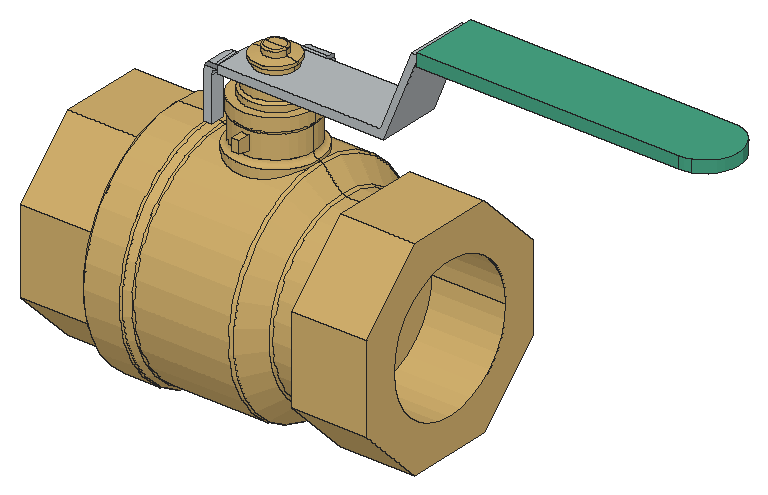
Revit family "M_Ball Valve_Threaded_15 to 50mm", category Pipe Accessories, Revit 2014
Parameters (values of type "50mm")
  _distributed by = "www.bimstore.co.uk"
  _current revision = 1  # constant formula
  _author = "Kris Atkinson"
  _BIMspec_GUID = 0
  Weight (kg) = 2.238
  WarrantyStartDate = ""
  WarrantyGuarantorParts = ""
  WarrantyGuarantorLabor = ""
  WarrantyDurationUnit = "12 months"
  WarrantyDurationParts = ""
  WarrantyDurationLabor = ""
  WarrantyDuration = "12 months"
  WarrantyDescription = ""
  Valve Material = Brass, Soft Yellow
  Valve Hex Calc = Connection Size + Dim X  # 72 mm
  Valve Hax Calc 2 = Connection Size + Dim XX  # 74 mm
  Uniclass2 = "WR-90-94-95"
  US End Connection = "ANSI B 1.20.1:1983"
  URL = "http://www.hattersley.com/"
  UK End Connection = "BS EN 10226-2: 2005 formerly BS21 Taper"
  TypeName = ""
  Type Comments = "2\""
  Temperature °C = "-10 to 120°C"
  TagNumber = ""
  Stem = "DZR Brass CW602N"
  Specification Notes = "Quater Turn, PTFE seats and stem seal, WRAS listed."
  Spares = "Levers (020BRG100F517)"
  SpareParts = "Levers (020BRG100F517)"
  Sleeve = "Green PVC"
  Size mm = Connection Size / 2  # 25 mm
  SerialNumber = ""
  Seats = "PTFE WRAS Approved"
  ReplacementCost = ""
  Rad = L mm * 0.2  # 24.8 mm
  Product Page URL = "http://www.hattersley.com/productView.asp?prodID=44&catID=7"
  Product Model [instance] = if(BS, "Hatts100", "Hatts100 AT")  # "Hatts100"
  Product Documentation Link = "http://www.hattersley.com/documents/Fig.%20100,%20100EXT%20Ball%20Valve%20Datasheet(1).pdf"
  Product Description = "Threaded DZR Ball Valve"
  Pressure Rating (Cat) = "PN25"
  Pressure (BAR) = "http://www.hattersley.com/documents/Fig.%20100,%20100EXT%20Ball%20Valve%20Datasheet(1).pdf"
  Packing Nut = "Brass CW617N"
  Packing Gland = "PTFE WRAS Approved"
  Operator = "Lever"
  O_Ring = "Rubber EPDM WRAS Approved"
  Name = ""
  ModelNumber = ""
  Model = "Hatts 100"
  Manufacturer = "Hattersley"
  Loss Method = K Coefficient
  Lever = "Steel Dacromet Plated"
  L2 mm = 165 mm
  L1 mm = 26.5 mm
  L mm = 124 mm
  Keynote = "S"
  K Coefficient = 160
  InstallationDate = ""
  Hex-Nut = "Steel Plated"
  Handle Width = 24 mm
  Handle Turn Zone [instance] = no
  Handle Length = 105 mm
  Handle Downstand = 28.1 mm
  Handle Collar Length = 51 mm
  Handle Calc = Handle Width / 2  # 12 mm
  H2 mm = L mm / 3 * 2  # 82.667 mm
  H mm = 95.5 mm
  Extidentifier = ""
  ExpectedLife = 0
  Exidentifier = ""
  DurationUnit = ""
  DocumentationLink URL = "http://www.hattersley.com/documents/Fig.%20100,%20100EXT%20Ball%20Valve%20Datasheet(1).pdf"
  Dim XX = Dim X + 2 mm  # 24 mm
  Dim X = 22 mm
  Description = "100 & 100EXT - Light, compact and easy to install and operate. Improved leak protection and resistance to damage during installation. WRAS approved. Quarter turn, lever operated. UK End Connection: BS EN 10226-2: 2005 formerley BS21 Taper US End Connection: ANSI B1.20.1: 1983"
  CreatedOn = ""
  CreatedBy = ""
  ConnectionType = ""
  Connection Size = 50 mm
  Brake Downstand = 21 mm
  Bonnet = "DZR Brass CW602N"
  Body = "DZR Brass CW602N"
  Barcode_2 = 0
  BarCode = ""
  Ball = "DZR Brass CW602N Chrome Plated"
  BS [instance] = yes
  Assetidentifier_2 = ""
  AssetType = ""
  AssetIdentifier = ""
  Assembly Code = "D30"
  Approvals = "WRAS Approved Product"
  AT [instance] = not(BS)  # no
  3/8" = no
  3/4" = no
  3" = no
  2" = yes
  2 1/2" = no
  1/4" = no
  1/2" = no
  1" = no
  1 1/4" = no
  1 1/2" = no
Types (6, lengths in mm): name | Weight (kg) | Valve Hex Calc | Valve Hax Calc 2 | Type Comments | Spares | SpareParts | Size mm | Rad | L2 mm | L1 mm | L mm | K Coefficient | Handle Width | Handle Length | Handle Downstand | Handle Collar Length | Handle Calc | H2 mm | H mm | Dim XX | Dim X | Connection Size | Brake Downstand | 3/4" | 2" | 1/2" | 1" | 1 1/4" | 1 1/2"
  50mm | 2.238 | 72 | 74 | "2\"" | "Levers (020BRG100F517)" | "Levers (020BRG100F517)" | 25 | 24.8 | 165 | 26.5 | 124 | 160 | 24 | 105 | 28.1 | 51 | 12 | 82.667 | 95.5 | 24 | 22 | 50 | 21 | no | yes | no | no | no | no
  40mm | 1.292 | 55 | 57 | "1 1/2\"" | "Levers (012BRG100F517)" | "Levers (012BRG100F517)" | 20 | 20.4 | 140 | 23 | 102 | 96 | 24 | 90 | 24.4 | 42 | 12 | 68 | 83.5 | 17 | 15 | 40 | 21 | no | no | no | no | no | yes
  32mm | 0.89 | 47 | 49 | "1 1/4\"" | "Levers (012BRG100F517)" | "Levers (012BRG100F517)" | 16 | 18.8 | 140 | 23 | 94 | 58 | 22 | 93 | 28 | 35 | 11 | 62.667 | 77.5 | 17 | 15 | 32 | 18 | no | no | no | no | yes | no
  25mm | 0.511 | 36 | 38 | "1\"" | "Levers (010BRG100F517)" | "Levers (010BRG100F517)" | 12.5 | 16.1 | 125 | 21 | 80.5 | 77 | 20 | 85 | 19.1 | 28 | 10 | 53.667 | 62 | 13 | 11 | 25 | 17 | no | no | no | yes | no | no
  20mm | 0.302 | 32 | 34 | "3/4\"" | "Levers (004BRG100F517)" | "Levers (004BRG100F517)" | 10 | 13.4 | 98.5 | 17 | 67 | 47 | 20 | 65 | 13.1 | 20 | 10 | 44.667 | 51 | 14 | 12 | 20 | 16 | yes | no | no | no | no | no
  15mm | 0.205 | 23 | 25 | "1/2\"" | "Levers (004BRG100F517)" | "Levers (004BRG100F517)" | 7.5 | 11.7 | 98.5 | 15.5 | 58.5 | 20 | 20 | 69 | 14.6 | 16 | 10 | 39 | 48 | 10 | 8 | 15 | 16 | no | no | yes | no | no | no
Reference planes
  plane 1 "Center (Front/Back)": y = 0
  plane 2: z = 0
  plane 3 "Center (Left/Right)": x = 0
  plane 4: x = -62
  plane 5: x = 62
  plane 6: x = -165
  plane 7: z = 95.5
  plane 8: z = 25
  plane 9: z = -25
  plane 10: y = 36
  plane 11: y = -36
  plane 12: z = 36
  plane 13: z = -36
  plane 14: through (0, 14.849, -36.062) normal (0, 0.7071, -0.7071)
  plane 15: through (0, -10.607, -10.607) normal (0, 0.7071, -0.7071)
  plane 16: through (0, -36.062, 14.849) normal (0, 0.7071, -0.7071)
  plane 17: through (0, -14.849, -36.062) normal (0, 0.7071, 0.7071)
  plane 18: through (0, 10.607, -10.607) normal (0, 0.7071, 0.7071)
  plane 19: through (0, 36.062, 14.849) normal (0, 0.7071, 0.7071)
  plane 20: x = -35.5
  plane 21: x = 35.5
  plane 22: y = 0
  plane 23: y = 25
  plane 24: y = -25
  plane 25: x = 165
  plane 26: z = 91.5
  plane 27: x = -12
  plane 28: y = -37
  plane 29: y = 37
  plane 30: z = 37
  plane 31: z = -37
  plane 32: through (4267.2, -23.816, 28.51) normal (0, 0.7071, -0.7071)
  plane 33: through (4267.2, 29.698, -22.627) normal (0, 0.7071, -0.7071)
  plane 34: through (4267.2, -29.698, -22.627) normal (0, 0.7071, 0.7071)
  plane 35: through (4267.2, 23.485, 28.841) normal (0, 0.7071, 0.7071)
  plane 36: through (4267.2, -1.834, 1.834) normal (0, 0.7071, 0.7071)
  plane 37: through (4267.2, 1.834, 1.834) normal (0, 0.7071, -0.7071)
  plane 38: y = 41.333
  plane 39: y = -41.333
  plane 40: y = 82.667
Forms (mm)
  Extrusion 1, solid, material "Brass, Soft Yellow" <- "Valve Material", detail levels fine
    sketch origin (0, 0, 0) x (0, 1, 0) y (0, 0, 1)
      loop
        line (-36, -14.912) -> (-14.912, -36) -> (14.912, -36) -> (36, -14.912) -> (36, 14.912) -> (14.912, 36) -> (-14.912, 36) -> (-36, 14.912) -> (-36, -14.912)
      loop
        circle (0, 0) r 25
    from -62 to -35.5
  Extrusion 2, solid, material "Clearance Zone", visible <- "Handle Turn Zone", detail levels fine
    sketch origin (0, 0, 0) x (1, 0, 0) y (0, 1, 0)
      loop
        arc (165, 0) -> (113.158, 125.158) -> (-12, 177) r 177
        line (-12, 177) -> (-12, 0) -> (165, 0)
    from 91.5 to 95.5
  Extrusion 3, solid, material "Brass, Soft Yellow" <- "Valve Material", detail levels fine
    sketch origin (0, 0, 0) x (0, 1, 0) y (0, 0, 1)
      loop
        line (37, 15.326) -> (15.326, 37) -> (-15.326, 37) -> (-37, 15.326) -> (-37, -15.326) -> (-15.326, -37) -> (15.326, -37) -> (37, -15.326) -> (37, 15.326)
      loop
        circle (0, 0) r 25
    from 35.5 to 62
Lines and regions (mm)
  model lines, detail levels coarse+medium
    curve 1: line (-62, -41.333, 0) -> (-62, 41.333, 0)
    curve 2: line (62, -41.333, 0) -> (62, 41.333, 0)
    curve 3: line (-62, 41.333, 0) -> (62, -41.333, 0)
    curve 4: line (62, 41.333, 0) -> (-62, -41.333, 0)
    curve 5: circle (0, 0, 0) r 24.8 normal (0, 0, 1)
    curve 6: line (0, 24.8, 0) -> (0, 82.667, 0)
    curve 7: line (0, 82.667, 0) -> (62, 82.667, 0)
Dimensions and locks
  equal spacing: plane 4, plane 3 "Center (Left/Right)", plane 5
  "L mm": plane 4 to plane 5
  equal spacing: plane 8, level, plane 9
  "Connection Size": plane 8 to plane 9
  "L2 mm": plane 3 "Center (Left/Right)" to plane 6
  "H mm": plane 7 to level
  equal spacing: plane 10, plane 1 "Center (Front/Back)", plane 11
  "Valve Hex Calc": plane 10 to plane 11
  equal spacing: plane 12, plane 2, plane 13
  "Valve Hex Calc": plane 12 to plane 13
  equal spacing: plane 17, plane 18, plane 19
  "Valve Hex Calc": plane 17 to plane 19
  equal spacing: plane 14, plane 15, plane 16
  "Valve Hex Calc": plane 14 to plane 16
  "L1 mm": plane 20 to plane 4
  "L1 mm": plane 5 to plane 21
  equal spacing: plane 24, plane 22, plane 23
  "Connection Size": plane 24 to plane 23
  "L2 mm": plane 3 "Center (Left/Right)" to plane 25
  locked: nested 8 to nested 9 at 1
  locked: plane 7 to plane 26 at 4
  "Handle Calc": plane 27 to plane 3 "Center (Left/Right)"
  equal spacing: plane 28, plane 22, plane 29
  "Valve Hax Calc 2": plane 28 to plane 29
  equal spacing: plane 35, plane 36, plane 34
  "Valve Hax Calc 2": plane 35 to plane 34
  equal spacing: plane 31, level, plane 30
  "Valve Hax Calc 2": plane 31 to plane 30
  equal spacing: plane 33, plane 37, plane 32
  "Valve Hax Calc 2": plane 33 to plane 32
  equal spacing: plane 38, plane 1 "Center (Front/Back)", plane 39
  "H2 mm": plane 38 to plane 39
  "H2 mm": plane 40 to plane 22
  "Size mm": radius of Extrusion 3 sketch curve
  "Size mm": radius of Extrusion 1 sketch curve
  "Rad": radius of curve 5
  aligned and locked: level to plane 2
  aligned and locked: plane 1 "Center (Front/Back)" to nested 3
  aligned and locked: plane 1 "Center (Front/Back)" to nested 4
  aligned and locked: plane 1 "Center (Front/Back)" to nested 5
  aligned and locked: plane 1 "Center (Front/Back)" to nested 6
  aligned and locked: plane 1 "Center (Front/Back)" to nested 7
  aligned and locked: Extrusion 1 to plane 4
  aligned and locked: plane 20 to Extrusion 1
  aligned and locked: plane 19 to Extrusion 1 sketch curve
  aligned and locked: Extrusion 1 sketch curve to plane 12
  aligned and locked: plane 16 to Extrusion 1 sketch curve
  aligned and locked: plane 11 to Extrusion 1 sketch curve
  aligned and locked: Extrusion 1 sketch curve to plane 17
  aligned and locked: plane 13 to Extrusion 1 sketch curve
  aligned and locked: Extrusion 1 sketch curve to plane 14
  aligned and locked: Extrusion 1 sketch curve to plane 10
  aligned and locked: plane 25 to nested 8
  aligned and locked: plane 7 to nested 8
  aligned and locked: nested 8 to nested 9
  aligned and locked: Extrusion 2 sketch curve to plane 1 "Center (Front/Back)"
  aligned and locked: plane 7 to Extrusion 2
  aligned and locked: plane 26 to Extrusion 2
  aligned and locked: Extrusion 2 sketch curve to plane 27
  aligned and locked: plane 25 to Extrusion 2 sketch curve
  aligned and locked: Extrusion 3 sketch curve to plane 30
  aligned and locked: plane 31 to Extrusion 3 sketch curve
  aligned and locked: Extrusion 3 sketch curve to plane 34
  aligned and locked: Extrusion 3 sketch curve to plane 28
  aligned and locked: Extrusion 3 sketch curve to plane 32
  aligned and locked: plane 35 to Extrusion 3 sketch curve
  aligned and locked: Extrusion 3 sketch curve to plane 29
  aligned and locked: plane 33 to Extrusion 3 sketch curve
  aligned and locked: level to Extrusion 3 sketch curve
  aligned and locked: plane 22 to Extrusion 3 sketch curve
  aligned and locked: Extrusion 3 to plane 21
  aligned and locked: plane 5 to Extrusion 3
  aligned and locked: level to Extrusion 1 sketch curve
  aligned and locked: plane 22 to Extrusion 1 sketch curve
Automatic sketch dimensions
  Extrusion 2 sketch curve to plane 27 = 0 mm
  curve 1 to plane 4 = 0 mm
  plane 1 "Center (Front/Back)" to curve 5 = 0 mm
  curve 5 to plane 3 "Center (Left/Right)" = 0 mm
  curve 7 to plane 3 "Center (Left/Right)" = 0 mm
  curve 2 to plane 5 = 0 mm
  curve 7 to plane 5 = 0 mm
  curve 1 to plane 39 = 0 mm
  curve 2 to plane 39 = 0 mm
  curve 1 to plane 38 = 0 mm
  curve 4 to plane 38 = 0 mm
  curve 7 to plane 40 = 0 mm
Nested families
  nested 1: "Hatts100_1_4inch_Body" at (0, 0, 0), visible <- "1/4"", type "1/4" Body", detail levels fine
  nested 2: "Hatts100_1_2inch_Body" at (0, 0, 0), visible <- "1/2"", type "1/2" Body", detail levels fine
  nested 3: "Hatts100_3_4inch_Body" at (0, 0, 0), visible <- "3/4"", type "3/4" Body", detail levels fine
  nested 4: "Hatts100_1inch_Body" at (0, 0, 0), visible <- "1"", type "1" Body", detail levels fine
  nested 5: "Hatts100_1_1_4inch_Body" at (0, 0, 0), visible <- "1 1/4"", type "1 1/4" Body", detail levels fine
  nested 6: "Hatts100_1_1_2inch_Body" at (0, 0, 0), visible <- "1 1/2"", type "1 1/2" Body", detail levels fine
  nested 7: "Hatts100_2inch_Body" at (0, 0, 0), visible <- "2"", type "2" Body", detail levels fine
  nested 8: "Handle" at (32.68, 0, 91.3) x (-1, 0, 0) z (0, 0, 1), type "Handle", detail levels fine
    with Handle Width Calc 12 mm, Handle Width 24 mm, Handle Length 105 mm, Handle Downstand 28.1 mm, Collar Width 22 mm, Collar Widtch Calc 11 mm, Collar End Length 51 mm, Brake Downstand 21 mm
  nested 9: "Handle Leg" at (4.68, 11, 64.7) x (1, 0, 0) z (0, 1, 0), type "Handle Leg", detail levels fine
    with Length 21 mm
Connectors
  piping at (-62, 0, 0), diameter 50, driven by "Size mm", driven by "K Coefficient"
    settings: on Extrusion 1, index 2, connector inside diameter 8 mm, connector length 0 mm, flow factor 0, pipe flow 0.0 L/s, pressure drop 0.0 Pa, fitting loss kfactor 160, connector angle 0.00°, fixture units 0, engagement length 0 mm, angle of deflection 0.00°, flow configuration 0, flow direction 0, fitting loss method 2, system type 7, joint type 0, gender type 0, connector reference index 3, connector utility 0, adjustable connector no, is connector primary yes, connector description ""
  piping at (62, 0, 0), diameter 50, driven by "Size mm", driven by "K Coefficient"
    settings: on Extrusion 3, index 3, connector inside diameter 8 mm, connector length 0 mm, flow factor 0, pipe flow 0.0 L/s, pressure drop 0.0 Pa, fitting loss kfactor 160, connector angle 0.00°, fixture units 0, engagement length 0 mm, angle of deflection 0.00°, flow configuration 0, flow direction 0, fitting loss method 2, system type 7, joint type 0, gender type 0, connector reference index 2, connector utility 0, adjustable connector no, is connector primary no, connector description ""
Definition of nested family "Hatts100_1_4inch_Body"
  Parameters (values of type "1/4" Body")
    Valve Material = Brass, Soft Yellow
  Reference planes
    plane 1 "Center (Front/Back)": y = 0
    plane 2: z = 0
    plane 3 "Center (Left/Right)": x = 0
  Forms (mm)
    Revolve 1, solid, material "Brass, Soft Yellow" <- "Valve Material"
      sketch origin (-277.48, 0, 0) x (1, 0, 0) y (0, 0, 1)
        loop
          line (266.83, 0) -> (266.83, -11.492) -> (280.798, -11.492)
          arc (280.798, -11.492) -> (281.252, -11.431) -> (281.673, -11.252) r 1.713
          line (281.673, -11.252) -> (283.318, -10.275)
          arc (283.318, -10.275) -> (283.739, -10.096) -> (284.192, -10.035) r 1.713
          line (284.192, -10.035) -> (288.13, -10.035) -> (288.13, 0) -> (266.83, 0)
        axis (266.83, 0) -> (288.13, 0)
      angle from 0 to 360
    Revolve 2, solid, material "Brass, Soft Yellow" <- "Valve Material"
      sketch origin (-277.48, 0, -0.937) x (1, 0, 0) y (0, 0, 1)
        loop
          line (280.944, 31.2) -> (277.48, 31.2) -> (277.48, 26.7) -> (282.23, 26.7)
          arc (282.23, 26.7) -> (282.752, 27.167) -> (282.584, 27.846) r 0.678
          line (282.584, 27.846) -> (281.522, 28.908) -> (281.522, 30.2) -> (280.944, 31.2)
        axis (277.48, 31.2) -> (277.48, 26.7)
      angle from 0 to 360
    Revolve 3, solid, material "Brass, Soft Yellow" <- "Valve Material"
      sketch origin (-278.893, 0, -0.937) x (1, 0, 0) y (0, 0, 1)
        loop
          arc (269.98, 13) -> (269.834, 12.646) -> (269.48, 12.5) r 0.5
          line (269.48, 12.5) -> (269.48, 6.134) -> (278.893, 6.134) -> (278.893, 26.7) -> (275.107, 26.7) -> (275.107, 21.202) -> (274.105, 20.2) -> (269.168, 20.2) -> (269.168, 17.7) -> (269.98, 17.7) -> (269.98, 13)
        axis (278.893, 26.7) -> (278.893, 6.134)
      angle from 0 to 360
  Cuts and joins
    joined: Revolve 1, Revolve 2
  Dimensions and locks
    aligned and locked: level to plane 2
  Nested families
    nested 1: "Stopper" at (0.002, 8.913, 16.499) x (0, 0, -1) z (0.0002, 1, 0), type "Stopper"
    nested 2: "Stopper" at (-0.002, -8.913, 16.499) x (0, 0, -1) z (-0.0002, -1, 0), type "Stopper"
  Definition of nested family "Stopper"
    Parameters (values of type "Stopper")
      width = 4 mm
      height = 4.5 mm
      Stopper Material = Brass
      Depth = 2.5 mm
      Default Elevation = 1219.2 mm
    Reference planes
      plane 1 "Center (Front/Back)": y = 0
      plane 2: z = 0
      plane 3 "Center (Left/Right)": x = 0
      plane 4: x = 4
      plane 5: z = 4.5
      plane 6: x = 5
      plane 7: y = 1.25
      plane 8: y = -1.25
    Forms (mm)
      Extrusion 1, solid
        sketch origin (0, 0, 0) x (1, 0, 0) y (0, 1, 0)
          loop
            line (-1219.2, 1219.2) -> (-1219.2, -1219.2) -> (1219.2, -1219.2) -> (1219.2, 1219.2) -> (-1219.2, 1219.2)
        from 0 to -304.8
      Extrusion 2, solid, material "Brass" <- "Stopper Material"
        sketch origin (0, 0, 0) x (1, 0, 0) y (0, 0, 1)
          loop
            line (0, 4.5) -> (0, 0) -> (5, 0) -> (4, 4.5) -> (0, 4.5)
        from -1.25 to 1.25
    Dimensions and locks
      "width": plane 4 to plane 3 "Center (Left/Right)"
      "height": plane 5 to Extrusion 1
      locked: plane 6 to plane 4 at 1
      equal spacing: plane 7, plane 1 "Center (Front/Back)", plane 8
      "Depth": plane 7 to plane 8
      aligned and locked: plane 2 to Extrusion 1
      aligned and locked: level to Extrusion 1
      aligned and locked: Extrusion 2 sketch curve to plane 3 "Center (Left/Right)"
      aligned and locked: Extrusion 2 sketch curve to plane 5
      aligned and locked: Extrusion 1 to Extrusion 2 sketch curve
      aligned and locked: plane 5 to Extrusion 2 sketch curve
      aligned and locked: plane 4 to Extrusion 2 sketch curve
      aligned and locked: plane 6 to Extrusion 2 sketch curve
      aligned and locked: plane 7 to Extrusion 2
      aligned and locked: Extrusion 2 to plane 8
    Automatic sketch dimensions
      Extrusion 1 sketch curve to Extrusion 1 sketch curve = 2438.4 mm  (x2)
Definition of nested family "Hatts100_1_2inch_Body"
  Parameters (values of type "1/2" Body")
    Valve Material = Brass, Soft Yellow
  Reference planes
    plane 1 "Center (Front/Back)": y = 0
    plane 2: z = 0
    plane 3 "Center (Left/Right)": x = 0
  Forms (mm)
    Revolve 1, solid, material "Brass, Soft Yellow" <- "Valve Material"
      sketch origin (0, 0, 0) x (1, 0, 0) y (0, 0, 1)
        loop
          line (-13.75, 0) -> (-13.75, -13.179) -> (4.498, -13.179)
          arc (4.498, -13.179) -> (5.056, -13.068) -> (5.529, -12.752) r 1.458
          line (5.529, -12.752) -> (7.517, -10.763)
          arc (7.517, -10.763) -> (7.99, -10.447) -> (8.548, -10.336) r 1.458
          line (8.548, -10.336) -> (13.75, -10.336) -> (13.75, 0) -> (-13.75, 0)
        axis (-13.75, 0) -> (13.75, 0)
      angle from 0 to 360
    Revolve 2, solid, material "Brass, Soft Yellow" <- "Valve Material"
      sketch origin (0, 0, -2.578) x (1, 0, 0) y (0, 0, 1)
        loop
          arc (-9.5, 17.4) -> (-9.939, 16.339) -> (-11, 15.9) r 1.5
          line (-11, 15.9) -> (-11, 7.843) -> (0, 7.843) -> (0, 39.9) -> (-4.041, 39.9) -> (-4.619, 38.9) -> (-4.619, 36.897) -> (-5.708, 36.05)
          arc (-5.708, 36.05) -> (-5.935, 35.373) -> (-5.4, 34.9) r 0.646
          line (-5.4, 34.9) -> (-4.5, 34.9) -> (-4.5, 30.4) -> (-7.15, 30.4) -> (-7.15, 27.58) -> (-8, 26.73) -> (-8, 25.9) -> (-10.25, 25.9) -> (-10.25, 22.868)
          arc (-10.25, 22.868) -> (-9.709, 22.512) -> (-9.5, 21.9) r 1
          line (-9.5, 21.9) -> (-9.5, 17.4)
        axis (0, 39.9) -> (0, 7.843)
      angle from 0 to 360
  Dimensions and locks
    aligned and locked: level to plane 2
  Nested families
    nested 1: "Stopper" at (0.014, 9.5, 19.412) x (0, 0, -1) z (0.0015, 1, 0), type "Stopper"
    nested 2: "Stopper" at (-0.014, -9.5, 19.412) x (0, 0, -1) z (-0.0015, -1, 0), type "Stopper"
  Definition of nested family "Stopper"
    Parameters (values of type "Stopper")
      width = 4 mm
      height = 4.5 mm
      Stopper Material = Brass
      Depth = 2.5 mm
      Default Elevation = 1219.2 mm
    Reference planes
      plane 1 "Center (Front/Back)": y = 0
      plane 2: z = 0
      plane 3 "Center (Left/Right)": x = 0
      plane 4: x = 4
      plane 5: z = 4.5
      plane 6: x = 5
      plane 7: y = 1.25
      plane 8: y = -1.25
    Forms (mm)
      Extrusion 1, solid
        sketch origin (0, 0, 0) x (1, 0, 0) y (0, 1, 0)
          loop
            line (-1219.2, 1219.2) -> (-1219.2, -1219.2) -> (1219.2, -1219.2) -> (1219.2, 1219.2) -> (-1219.2, 1219.2)
        from 0 to -304.8
      Extrusion 2, solid, material "Brass" <- "Stopper Material"
        sketch origin (0, 0, 0) x (1, 0, 0) y (0, 0, 1)
          loop
            line (0, 4.5) -> (0, 0) -> (5, 0) -> (4, 4.5) -> (0, 4.5)
        from -1.25 to 1.25
    Dimensions and locks
      "width": plane 4 to plane 3 "Center (Left/Right)"
      "height": plane 5 to Extrusion 1
      locked: plane 6 to plane 4 at 1
      equal spacing: plane 7, plane 1 "Center (Front/Back)", plane 8
      "Depth": plane 7 to plane 8
      aligned and locked: plane 2 to Extrusion 1
      aligned and locked: level to Extrusion 1
      aligned and locked: Extrusion 2 sketch curve to plane 3 "Center (Left/Right)"
      aligned and locked: Extrusion 2 sketch curve to plane 5
      aligned and locked: Extrusion 1 to Extrusion 2 sketch curve
      aligned and locked: plane 5 to Extrusion 2 sketch curve
      aligned and locked: plane 4 to Extrusion 2 sketch curve
      aligned and locked: plane 6 to Extrusion 2 sketch curve
      aligned and locked: plane 7 to Extrusion 2
      aligned and locked: Extrusion 2 to plane 8
    Automatic sketch dimensions
      Extrusion 1 sketch curve to Extrusion 1 sketch curve = 2438.4 mm  (x2)
Definition of nested family "Hatts100_3_4inch_Body"
  Parameters (values of type "3/4" Body")
    Valve Material = Brass, Soft Yellow
  Reference planes
    plane 1 "Center (Front/Back)": y = 0
    plane 2: z = 0
    plane 3 "Center (Left/Right)": x = 0
  Forms (mm)
    Revolve 1, solid, material "Brass, Soft Yellow" <- "Valve Material"
      sketch origin (0, 0, 0) x (1, 0, 0) y (0, 0, 1)
        loop
          line (-16.5, 0) -> (-16.5, -18.113) -> (-15.896, -18.619) -> (5.701, -18.619)
          arc (5.701, -18.619) -> (6.357, -18.489) -> (6.913, -18.117) r 1.715
          line (6.913, -18.117) -> (9.982, -15.049)
          arc (9.982, -15.049) -> (10.538, -14.677) -> (11.194, -14.546) r 1.715
          line (11.194, -14.546) -> (16.5, -14.546) -> (16.5, 0) -> (-16.5, 0)
        axis (-16.5, 0) -> (16.5, 0)
      angle from 0 to 360
    Revolve 2, solid, material "Brass, Soft Yellow" <- "Valve Material"
      sketch origin (0, 0, -1.953) x (1, 0, 0) y (0, 0, 1)
        loop
          line (-9.346, 25.9) -> (-9.346, 22.312)
          arc (-9.346, 22.312) -> (-9.785, 21.252) -> (-10.846, 20.813) r 1.5
          line (-10.846, 20.813) -> (-10.846, 10.5) -> (0, 10.5) -> (0, 43.7) -> (-4.194, 43.7) -> (-4.194, 41.153) -> (-5.862, 39.85)
          arc (-5.862, 39.85) -> (-6.042, 39.157) -> (-5.491, 38.7) r 0.667
          line (-5.491, 38.7) -> (-4.654, 38.7) -> (-4.654, 34.4) -> (-7.304, 34.4) -> (-7.304, 31.605) -> (-8.154, 30.755) -> (-8.154, 29.9) -> (-10.096, 29.9) -> (-10.096, 26.868)
          arc (-10.096, 26.868) -> (-9.555, 26.512) -> (-9.346, 25.9) r 1
        axis (0, 43.7) -> (0, 10.5)
      angle from 0 to 360
  Cuts and joins
    joined: Revolve 1, Revolve 2
  Dimensions and locks
    aligned and locked: level to plane 2
  Nested families
    nested 1: "Stopper" at (0.005, 9.346, 24.31) x (0, 0, -1) z (0.0005, 1, 0), type "Stopper"
    nested 2: "Stopper" at (-0.005, -9.346, 24.31) x (0, 0, -1) z (-0.0005, -1, 0), type "Stopper"
  Definition of nested family "Stopper"
    Parameters (values of type "Stopper")
      width = 4 mm
      height = 4.5 mm
      Stopper Material = Brass
      Depth = 2.5 mm
      Default Elevation = 1219.2 mm
    Reference planes
      plane 1 "Center (Front/Back)": y = 0
      plane 2: z = 0
      plane 3 "Center (Left/Right)": x = 0
      plane 4: x = 4
      plane 5: z = 4.5
      plane 6: x = 5
      plane 7: y = 1.25
      plane 8: y = -1.25
    Forms (mm)
      Extrusion 1, solid
        sketch origin (0, 0, 0) x (1, 0, 0) y (0, 1, 0)
          loop
            line (-1219.2, 1219.2) -> (-1219.2, -1219.2) -> (1219.2, -1219.2) -> (1219.2, 1219.2) -> (-1219.2, 1219.2)
        from 0 to -304.8
      Extrusion 2, solid, material "Brass" <- "Stopper Material"
        sketch origin (0, 0, 0) x (1, 0, 0) y (0, 0, 1)
          loop
            line (0, 4.5) -> (0, 0) -> (5, 0) -> (4, 4.5) -> (0, 4.5)
        from -1.25 to 1.25
    Dimensions and locks
      "width": plane 4 to plane 3 "Center (Left/Right)"
      "height": plane 5 to Extrusion 1
      locked: plane 6 to plane 4 at 1
      equal spacing: plane 7, plane 1 "Center (Front/Back)", plane 8
      "Depth": plane 7 to plane 8
      aligned and locked: plane 2 to Extrusion 1
      aligned and locked: level to Extrusion 1
      aligned and locked: Extrusion 2 sketch curve to plane 3 "Center (Left/Right)"
      aligned and locked: Extrusion 2 sketch curve to plane 5
      aligned and locked: Extrusion 1 to Extrusion 2 sketch curve
      aligned and locked: plane 5 to Extrusion 2 sketch curve
      aligned and locked: plane 4 to Extrusion 2 sketch curve
      aligned and locked: plane 6 to Extrusion 2 sketch curve
      aligned and locked: plane 7 to Extrusion 2
      aligned and locked: Extrusion 2 to plane 8
    Automatic sketch dimensions
      Extrusion 1 sketch curve to Extrusion 1 sketch curve = 2438.4 mm  (x2)
Definition of nested family "Hatts100_1inch_Body"
  Parameters (values of type "1" Body")
    Valve Material = Brass, Soft Yellow
  Reference planes
    plane 1 "Center (Front/Back)": y = 0
    plane 2: z = 0
    plane 3 "Center (Left/Right)": x = 0
  Forms (mm)
    Revolve 1, solid, material "Brass, Soft Yellow" <- "Valve Material"
      sketch origin (0, 0, 0) x (1, 0, 0) y (0, 0, 1)
        loop
          line (-19.25, 0) -> (-19.25, -20.325) -> (7.178, -20.325)
          arc (7.178, -20.325) -> (7.758, -20.21) -> (8.25, -19.881) r 1.516
          line (8.25, -19.881) -> (11.152, -16.98)
          arc (11.152, -16.98) -> (11.643, -16.651) -> (12.223, -16.536) r 1.516
          line (12.223, -16.536) -> (19.25, -16.536) -> (19.25, 0) -> (-19.25, 0)
        axis (-19.25, 0) -> (19.25, 0)
      angle from 0 to 360
    Revolve 2, solid, material "Brass, Soft Yellow" <- "Valve Material"
      sketch origin (0, 0, -3.828) x (1, 0, 0) y (0, 0, 1)
        loop
          line (0, 50.694) -> (-3.574, 50.694) -> (-4.484, 50.27) -> (-4.484, 47.861) -> (-6.601, 46.874)
          arc (-6.601, 46.874) -> (-6.961, 46.243) -> (-6.486, 45.694) r 0.628
          line (-6.486, 45.694) -> (-5.386, 45.694) -> (-5.386, 41.7) -> (-6.764, 41.7) -> (-7.886, 41.177) -> (-7.886, 38.355) -> (-8.886, 37.355) -> (-8.886, 36.5) -> (-11.864, 36.5) -> (-11.864, 33.468)
          arc (-11.864, 33.468) -> (-11.324, 33.122) -> (-11.114, 32.516) r 0.98
          line (-11.114, 32.516) -> (-11.114, 25.386)
          arc (-11.114, 25.386) -> (-11.401, 24.693) -> (-12.094, 24.406) r 0.98
          line (-12.094, 24.406) -> (-12.094, 13.341) -> (0, 13.341) -> (0, 50.694)
        axis (0, 50.694) -> (0, 13.341)
      angle from 0 to 360
  Dimensions and locks
    aligned and locked: level to plane 2
  Nested families
    nested 1: "Stopper" at (-0.013, 11.114, 27.907) x (0, 0, -1) z (-0.0012, 1, 0), type "Stopper"
    nested 2: "Stopper" at (0.013, -11.114, 27.907) x (0, 0, -1) z (0.0012, -1, 0), type "Stopper"
  Definition of nested family "Stopper"
    Parameters (values of type "Stopper")
      width = 4 mm
      height = 4.5 mm
      Stopper Material = Brass
      Depth = 2.5 mm
      Default Elevation = 1219.2 mm
    Reference planes
      plane 1 "Center (Front/Back)": y = 0
      plane 2: z = 0
      plane 3 "Center (Left/Right)": x = 0
      plane 4: x = 4
      plane 5: z = 4.5
      plane 6: x = 5
      plane 7: y = 1.25
      plane 8: y = -1.25
    Forms (mm)
      Extrusion 1, solid
        sketch origin (0, 0, 0) x (1, 0, 0) y (0, 1, 0)
          loop
            line (-1219.2, 1219.2) -> (-1219.2, -1219.2) -> (1219.2, -1219.2) -> (1219.2, 1219.2) -> (-1219.2, 1219.2)
        from 0 to -304.8
      Extrusion 2, solid, material "Brass" <- "Stopper Material"
        sketch origin (0, 0, 0) x (1, 0, 0) y (0, 0, 1)
          loop
            line (0, 4.5) -> (0, 0) -> (5, 0) -> (4, 4.5) -> (0, 4.5)
        from -1.25 to 1.25
    Dimensions and locks
      "width": plane 4 to plane 3 "Center (Left/Right)"
      "height": plane 5 to Extrusion 1
      locked: plane 6 to plane 4 at 1
      equal spacing: plane 7, plane 1 "Center (Front/Back)", plane 8
      "Depth": plane 7 to plane 8
      aligned and locked: plane 2 to Extrusion 1
      aligned and locked: level to Extrusion 1
      aligned and locked: Extrusion 2 sketch curve to plane 3 "Center (Left/Right)"
      aligned and locked: Extrusion 2 sketch curve to plane 5
      aligned and locked: Extrusion 1 to Extrusion 2 sketch curve
      aligned and locked: plane 5 to Extrusion 2 sketch curve
      aligned and locked: plane 4 to Extrusion 2 sketch curve
      aligned and locked: plane 6 to Extrusion 2 sketch curve
      aligned and locked: plane 7 to Extrusion 2
      aligned and locked: Extrusion 2 to plane 8
    Automatic sketch dimensions
      Extrusion 1 sketch curve to Extrusion 1 sketch curve = 2438.4 mm  (x2)
Definition of nested family "Hatts100_1_1_4inch_Body"
  Parameters (values of type "1 1/4" Body")
    Valve Material = Brass, Soft Yellow
  Reference planes
    plane 1 "Center (Front/Back)": y = 0
    plane 2: z = 0
    plane 3 "Center (Left/Right)": x = 0
  Forms (mm)
    Revolve 1, solid, material "Brass, Soft Yellow" <- "Valve Material"
      sketch origin (0, 0, 0) x (1, 0, 0) y (0, 0, 1)
        loop
          line (-24, 0) -> (-24, -26.427) -> (10.676, -26.427)
          arc (10.676, -26.427) -> (11.3, -26.303) -> (11.83, -25.949) r 1.632
          line (11.83, -25.949) -> (15.77, -22.009)
          arc (15.77, -22.009) -> (16.299, -21.655) -> (16.924, -21.531) r 1.632
          line (16.924, -21.531) -> (24, -21.531) -> (24, 0) -> (-24, 0)
        axis (-24, 0) -> (24, 0)
      angle from 0 to 360
    Revolve 2, solid, material "Brass, Soft Yellow" <- "Valve Material"
      sketch origin (0, 0, -3.438) x (1, 0, 0) y (0, 0, 1)
        loop
          line (0, 56.8) -> (-3.314, 56.8) -> (-4.017, 56.394) -> (-4.017, 53.8) -> (-4.972, 53.8) -> (-6.828, 52.935)
          arc (-6.828, 52.935) -> (-7.162, 52.285) -> (-6.617, 51.8) r 0.596
          line (-6.617, 51.8) -> (-5.517, 51.8) -> (-5.517, 48.2) -> (-7.314, 48.2) -> (-8.017, 47.842) -> (-8.017, 44.7) -> (-9.017, 43.7) -> (-9.017, 42.7) -> (-11.733, 42.7) -> (-11.733, 38.168)
          arc (-11.733, 38.168) -> (-11.193, 37.812) -> (-10.983, 37.2) r 1
          line (-10.983, 37.2) -> (-10.983, 31.956)
          arc (-10.983, 31.956) -> (-11.51, 30.683) -> (-12.783, 30.156) r 1.8
          line (-12.783, 30.156) -> (-16.416, 30.156) -> (-16.416, 20.156) -> (0, 20.156) -> (0, 56.8)
        axis (0, 56.8) -> (0, 20.156)
      angle from 0 to 360
  Dimensions and locks
    aligned and locked: level to plane 2
  Nested families
    nested 1: "Stopper" at (0.014, 10.983, 33.254) x (0, 0, -1) z (0.0013, 1, 0), type "Stopper"
    nested 2: "Stopper" at (-0.014, -10.983, 33.254) x (0, 0, -1) z (-0.0013, -1, 0), type "Stopper"
  Definition of nested family "Stopper"
    Parameters (values of type "Stopper")
      width = 4 mm
      height = 4.5 mm
      Stopper Material = Brass
      Depth = 2.5 mm
      Default Elevation = 1219.2 mm
    Reference planes
      plane 1 "Center (Front/Back)": y = 0
      plane 2: z = 0
      plane 3 "Center (Left/Right)": x = 0
      plane 4: x = 4
      plane 5: z = 4.5
      plane 6: x = 5
      plane 7: y = 1.25
      plane 8: y = -1.25
    Forms (mm)
      Extrusion 1, solid
        sketch origin (0, 0, 0) x (1, 0, 0) y (0, 1, 0)
          loop
            line (-1219.2, 1219.2) -> (-1219.2, -1219.2) -> (1219.2, -1219.2) -> (1219.2, 1219.2) -> (-1219.2, 1219.2)
        from 0 to -304.8
      Extrusion 2, solid, material "Brass" <- "Stopper Material"
        sketch origin (0, 0, 0) x (1, 0, 0) y (0, 0, 1)
          loop
            line (0, 4.5) -> (0, 0) -> (5, 0) -> (4, 4.5) -> (0, 4.5)
        from -1.25 to 1.25
    Dimensions and locks
      "width": plane 4 to plane 3 "Center (Left/Right)"
      "height": plane 5 to Extrusion 1
      locked: plane 6 to plane 4 at 1
      equal spacing: plane 7, plane 1 "Center (Front/Back)", plane 8
      "Depth": plane 7 to plane 8
      aligned and locked: plane 2 to Extrusion 1
      aligned and locked: level to Extrusion 1
      aligned and locked: Extrusion 2 sketch curve to plane 3 "Center (Left/Right)"
      aligned and locked: Extrusion 2 sketch curve to plane 5
      aligned and locked: Extrusion 1 to Extrusion 2 sketch curve
      aligned and locked: plane 5 to Extrusion 2 sketch curve
      aligned and locked: plane 4 to Extrusion 2 sketch curve
      aligned and locked: plane 6 to Extrusion 2 sketch curve
      aligned and locked: plane 7 to Extrusion 2
      aligned and locked: Extrusion 2 to plane 8
    Automatic sketch dimensions
      Extrusion 1 sketch curve to Extrusion 1 sketch curve = 2438.4 mm  (x2)
Definition of nested family "Hatts100_1_1_2inch_Body"
  Parameters (values of type "1 1/2" Body")
    Valve Material = Brass, Soft Yellow
  Reference planes
    plane 1 "Center (Front/Back)": y = 0
    plane 2: z = 0
    plane 3 "Center (Left/Right)": x = 0
  Forms (mm)
    Revolve 1, solid, material "Brass, Soft Yellow" <- "Valve Material"
      sketch origin (0, 0, 0) x (1, 0, 0) y (0, 0, 1)
        loop
          line (-28, 0) -> (-28, -29.682) -> (-27.139, -30.405) -> (13.419, -30.405)
          arc (13.419, -30.405) -> (13.98, -30.293) -> (14.456, -29.975) r 1.467
          line (14.456, -29.975) -> (19.648, -24.783)
          arc (19.648, -24.783) -> (20.124, -24.465) -> (20.686, -24.353) r 1.467
          line (20.686, -24.353) -> (28, -24.353) -> (28, 0) -> (-28, 0)
        axis (-28, 0) -> (28, 0)
      angle from 0 to 360
    Revolve 2, solid, material "Brass, Soft Yellow" <- "Valve Material"
      sketch origin (0, 0, -5.781) x (1, 0, 0) y (0, 0, 1)
        loop
          line (0, 67.824) -> (-3.859, 67.824)
          spline (-3.859, 67.824) -> (-3.929, 67.82) -> (-3.998, 67.807) -> (-4.064, 67.786) -> (-4.127, 67.757) -> (-4.186, 67.721) -> (-4.239, 67.678) -> (-4.285, 67.629) -> (-4.324, 67.574) -> (-4.355, 67.516) -> (-4.377, 67.454) -> (-4.391, 67.39) -> (-4.396, 67.324)
          line (-4.396, 67.324) -> (-4.396, 65.42) -> (-8.101, 64.824) -> (-8.101, 63.824) -> (-7.101, 63.824) -> (-7.101, 58.524) -> (-9.398, 58.524) -> (-10.101, 58.118) -> (-10.101, 55.024) -> (-10.902, 54.223) -> (-14.701, 54.024)
          arc (-14.701, 54.024) -> (-15.374, 53.714) -> (-15.649, 53.026) r 1
          line (-15.649, 53.026) -> (-15.649, 49.8)
          arc (-15.649, 49.8) -> (-15.356, 49.093) -> (-14.649, 48.8) r 1
          line (-14.649, 48.8) -> (-13.399, 48.8) -> (-13.399, 37.563)
          arc (-13.399, 37.563) -> (-13.692, 36.855) -> (-14.399, 36.563) r 1
          line (-14.399, 36.563) -> (-14.399, 15.419) -> (0, 15.419) -> (0, 67.824)
        axis (0, 67.824) -> (0, 15.419)
      angle from 0 to 360
  Cuts and joins
    joined: Revolve 1, Revolve 2
  Dimensions and locks
    aligned and locked: level to plane 2
  Nested families
    nested 1: "Stopper" at (-0.018, 13.399, 40.231) x (0, 0, -1) z (-0.0013, 1, 0), type "Stopper"
    nested 2: "Stopper" at (0.018, -13.399, 40.231) x (0, 0, -1) z (0.0013, -1, 0), type "Stopper"
  Definition of nested family "Stopper"
    Parameters (values of type "Stopper")
      width = 4 mm
      height = 4.5 mm
      Stopper Material = Brass
      Depth = 2.5 mm
      Default Elevation = 1219.2 mm
    Reference planes
      plane 1 "Center (Front/Back)": y = 0
      plane 2: z = 0
      plane 3 "Center (Left/Right)": x = 0
      plane 4: x = 4
      plane 5: z = 4.5
      plane 6: x = 5
      plane 7: y = 1.25
      plane 8: y = -1.25
    Forms (mm)
      Extrusion 1, solid
        sketch origin (0, 0, 0) x (1, 0, 0) y (0, 1, 0)
          loop
            line (-1219.2, 1219.2) -> (-1219.2, -1219.2) -> (1219.2, -1219.2) -> (1219.2, 1219.2) -> (-1219.2, 1219.2)
        from 0 to -304.8
      Extrusion 2, solid, material "Brass" <- "Stopper Material"
        sketch origin (0, 0, 0) x (1, 0, 0) y (0, 0, 1)
          loop
            line (0, 4.5) -> (0, 0) -> (5, 0) -> (4, 4.5) -> (0, 4.5)
        from -1.25 to 1.25
    Dimensions and locks
      "width": plane 4 to plane 3 "Center (Left/Right)"
      "height": plane 5 to Extrusion 1
      locked: plane 6 to plane 4 at 1
      equal spacing: plane 7, plane 1 "Center (Front/Back)", plane 8
      "Depth": plane 7 to plane 8
      aligned and locked: plane 2 to Extrusion 1
      aligned and locked: level to Extrusion 1
      aligned and locked: Extrusion 2 sketch curve to plane 3 "Center (Left/Right)"
      aligned and locked: Extrusion 2 sketch curve to plane 5
      aligned and locked: Extrusion 1 to Extrusion 2 sketch curve
      aligned and locked: plane 5 to Extrusion 2 sketch curve
      aligned and locked: plane 4 to Extrusion 2 sketch curve
      aligned and locked: plane 6 to Extrusion 2 sketch curve
      aligned and locked: plane 7 to Extrusion 2
      aligned and locked: Extrusion 2 to plane 8
    Automatic sketch dimensions
      Extrusion 1 sketch curve to Extrusion 1 sketch curve = 2438.4 mm  (x2)
Definition of nested family "Hatts100_2inch_Body"
  Parameters (values of type "2" Body")
    width = 124 mm
    Valve Material = Brass, Soft Yellow
  Reference planes
    plane 1 "Center (Front/Back)": y = 0
    plane 2: z = 0
    plane 3 "Center (Left/Right)": x = 0
  Forms (mm)
    Revolve 1, solid, material "Brass, Soft Yellow" <- "Valve Material"
      sketch origin (0, 0, 0) x (1, 0, 0) y (0, 0, 1)
        loop
          line (-35.5, 0) -> (-35.5, -41.128) -> (-34.46, -42.001) -> (-22.088, -42.001)
          arc (-22.088, -42.001) -> (-21.629, -41.94) -> (-21.202, -41.763) r 1.772
          line (-21.202, -41.763) -> (-18.955, -40.466)
          arc (-18.955, -40.466) -> (-18.528, -40.289) -> (-18.069, -40.229) r 1.772
          line (-18.069, -40.229) -> (15.452, -40.229)
          arc (15.452, -40.229) -> (16.13, -40.094) -> (16.705, -39.71) r 1.772
          line (16.705, -39.71) -> (23.641, -32.774)
          arc (23.641, -32.774) -> (24.215, -32.39) -> (24.894, -32.255) r 1.772
          line (24.894, -32.255) -> (35.5, -32.255) -> (35.5, 0) -> (-35.5, 0)
        axis (-35.5, 0) -> (35.5, 0)
      angle from 0 to 360
    Revolve 2, solid, material "Brass, Soft Yellow" <- "Valve Material"
      sketch origin (0, 0, -3.438) x (1, 0, 0) y (0, 0, 1)
        loop
          line (0, 75.7) -> (-3.5, 75.7)
          arc (-3.5, 75.7) -> (-3.854, 75.554) -> (-4, 75.2) r 0.5
          line (-4, 75.2) -> (-4, 73.296) -> (-8, 72.7) -> (-8, 71.7) -> (-7, 71.7) -> (-7, 66.4) -> (-9.297, 66.4) -> (-10, 65.994) -> (-10, 62.9) -> (-11, 61.9) -> (-11, 59.9) -> (-14.25, 59.9) -> (-14.25, 55.368)
          arc (-14.25, 55.368) -> (-13.709, 55.012) -> (-13.5, 54.4) r 1
          line (-13.5, 54.4) -> (-13.5, 46.062)
          arc (-13.5, 46.062) -> (-14.083, 44.651) -> (-15.493, 44.063) r 2
          line (-15.493, 44.063) -> (-15.493, 23.75) -> (0, 23.75) -> (0, 75.7)
        axis (0, 75.7) -> (0, 23.75)
      angle from 0 to 360
  Dimensions and locks
    aligned and locked: level to plane 2
  Nested families
    nested 1: "Stopper" at (0, 13.5, 49.508) x (0, 0, -1) z (0, 1, 0), type "Stopper"
    nested 2: "Stopper" at (0, -13.5, 49.508) x (0, 0, -1) z (0, -1, 0), type "Stopper"
  Definition of nested family "Stopper"
    Parameters (values of type "Stopper")
      width = 4 mm
      height = 4.5 mm
      Stopper Material = Brass
      Depth = 2.5 mm
      Default Elevation = 1219.2 mm
    Reference planes
      plane 1 "Center (Front/Back)": y = 0
      plane 2: z = 0
      plane 3 "Center (Left/Right)": x = 0
      plane 4: x = 4
      plane 5: z = 4.5
      plane 6: x = 5
      plane 7: y = 1.25
      plane 8: y = -1.25
    Forms (mm)
      Extrusion 1, solid
        sketch origin (0, 0, 0) x (1, 0, 0) y (0, 1, 0)
          loop
            line (-1219.2, 1219.2) -> (-1219.2, -1219.2) -> (1219.2, -1219.2) -> (1219.2, 1219.2) -> (-1219.2, 1219.2)
        from 0 to -304.8
      Extrusion 2, solid, material "Brass" <- "Stopper Material"
        sketch origin (0, 0, 0) x (1, 0, 0) y (0, 0, 1)
          loop
            line (0, 4.5) -> (0, 0) -> (5, 0) -> (4, 4.5) -> (0, 4.5)
        from -1.25 to 1.25
    Dimensions and locks
      "width": plane 4 to plane 3 "Center (Left/Right)"
      "height": plane 5 to Extrusion 1
      locked: plane 6 to plane 4 at 1
      equal spacing: plane 7, plane 1 "Center (Front/Back)", plane 8
      "Depth": plane 7 to plane 8
      aligned and locked: plane 2 to Extrusion 1
      aligned and locked: level to Extrusion 1
      aligned and locked: Extrusion 2 sketch curve to plane 3 "Center (Left/Right)"
      aligned and locked: Extrusion 2 sketch curve to plane 5
      aligned and locked: Extrusion 1 to Extrusion 2 sketch curve
      aligned and locked: plane 5 to Extrusion 2 sketch curve
      aligned and locked: plane 4 to Extrusion 2 sketch curve
      aligned and locked: plane 6 to Extrusion 2 sketch curve
      aligned and locked: plane 7 to Extrusion 2
      aligned and locked: Extrusion 2 to plane 8
    Automatic sketch dimensions
      Extrusion 1 sketch curve to Extrusion 1 sketch curve = 2438.4 mm  (x2)
Definition of nested family "Handle"
  Parameters (values of type "Handle")
    stopper downstand = 13 mm
    Handle Width Calc = Handle Width / 2  # 10 mm
    Handle Width = 20 mm
    Handle Thickness = 4.2 mm
    Handle Material = Green, PVC
    Handle Length = 60 mm
    Handle Downstand = 14.1 mm
    Handle Collar Thickness = 3 mm
    Collar Width = Handle Width - 2 mm  # 18 mm
    Collar Widtch Calc = Collar Width / 2  # 9 mm
    Collar Length = 5 mm
    Collar End Length = 15 mm
    Brake Downstand = 12 mm
    Base Offset = 2 mm
  Reference planes
    plane 1 "Center (Front/Back)": y = 0
    plane 2: z = 0
    plane 3: y = 10
    plane 4: y = -10
    plane 5: z = 4.2
    plane 6: z = -14.1
    plane 7: z = -11.1
    plane 8: y = 9
    plane 9: y = -9
    plane 10: x = 44.5
    plane 11: x = 23
    plane 12: x = -71.551
    plane 13: x = -74.605
    plane 14: y = -113.313
    plane 15: x = 35.5
    plane 16: z = 0
    plane 17: x = 24.5
    plane 18: x = 29.5
    plane 19: x = 8.68
    plane 20: x = -51.32
    plane 21: x = -41.32
    plane 22: x = -52.32
  Forms (mm)
    Extrusion 1, solid, material "Zinc"
      sketch origin (0, 0, 0) x (1, 0, 0) y (0, 1, 0)
        loop
          line (29.5, 9) -> (29.5, -9) -> (35.5, -9)
          arc (35.5, -9) -> (41.864, -6.364) -> (44.5, 0) r 9
          line (44.5, 0) -> (44.5, 9) -> (29.5, 9)
      from -14.1 to -11.1
    Extrusion 2, solid, material "Green, PVC" <- "Handle Material"
      sketch origin (0, 0, 0) x (1, 0, 0) y (0, 0, 1)
        loop
          line (8.68, 4.2) -> (-51.32, 4.2) -> (-51.32, 0) -> (8.68, 0) -> (8.68, 4.2)
      from -10 to 10
    Extrusion 3, void
      sketch origin (0, 0, 0) x (1, 0, 0) y (0, 1, 0)
        loop
          line (-41.32, 10) -> (-52.32, 10) -> (-52.32, -10) -> (-41.32, -10)
          arc (-41.32, -10) -> (-51.117, -2.003) -> (-45.246, 9.197) r 10
          arc (-45.246, 9.197) -> (-43.323, 9.797) -> (-41.32, 10) r 10
      from 0 to 4.2
    Extrusion 4, solid, material "Zinc"
      sketch origin (0, 0, 0) x (1, 0, 0) y (0, 0, 1)
        loop
          line (29.5, -14.1) -> (29.5, -11.1) -> (24.5, -11.1) -> (24.5, -14.1) -> (29.5, -14.1)
      from -9 to 9
    Extrusion 5, solid, material "Zinc"
      sketch origin (0, 0, 0) x (1, 0, 0) y (0, 0, 1)
        loop
          line (22.379, -11.1) -> (11.279, 3) -> (8.68, 3) -> (8.68, 0) -> (10.036, 0) -> (21.136, -14.1) -> (24.5, -14.1) -> (24.5, -11.1) -> (22.379, -11.1)
      from -9 to 9
  Cuts and joins
    Extrusion 3 cuts Extrusion 2
    joined: Extrusion 1, Extrusion 4, Extrusion 5
  Dimensions and locks
    equal spacing: plane 3, plane 1 "Center (Front/Back)", plane 4
    "Handle Width": plane 3 to plane 4
    "Handle Collar Thickness": plane 7 to plane 6
    equal spacing: plane 9, plane 1 "Center (Front/Back)", plane 8
    "Collar Width": plane 9 to plane 8
    "Collar Widtch Calc": plane 15 to plane 10
    "Handle Thickness": plane 5 to plane 16
    "Handle Downstand": plane 16 to plane 6
    locked: plane 17 to plane 11 at 1.5
    "Collar End Length": plane 18 to plane 10
    plane 18 to plane 17 = 5 mm
    "Collar Length": plane 17 to plane 18
    "Handle Collar Thickness": Extrusion 5 sketch curve to plane 2
    locked: plane 19 to plane 17 at 15.82
    "Handle Length": plane 20 to plane 19
    locked: plane 22 to plane 20 at 1
    "Handle Width Calc": plane 20 to plane 21
    "Collar Widtch Calc": radius of Extrusion 1 sketch curve
    aligned and locked: level to plane 2
    aligned and locked: Extrusion 1 sketch curve to plane 8
    aligned and locked: Extrusion 1 sketch curve to plane 10
    aligned and locked: plane 15 to Extrusion 1 sketch curve
    aligned and locked: Extrusion 2 sketch curve to plane 5
    aligned and locked: plane 5 to Extrusion 3
    aligned and locked: Extrusion 2 to plane 16
    aligned and locked: Extrusion 3 to Extrusion 2
    aligned and locked: plane 7 to Extrusion 1
    aligned and locked: plane 6 to Extrusion 1
    aligned and locked: plane 8 to nested 1
    aligned and locked: plane 7 to nested 1
    aligned and locked: plane 18 to cut or joined group of Extrusion 1, Extrusion 4, Extrusion 5
    aligned and locked: Extrusion 4 sketch curve to plane 18
    aligned and locked: Extrusion 4 sketch curve to plane 17
    aligned and locked: Extrusion 4 sketch curve to plane 7
    aligned and locked: Extrusion 4 sketch curve to plane 6
    aligned and locked: Extrusion 4 to plane 8
    aligned and locked: plane 9 to Extrusion 4
    aligned and locked: plane 3 to Extrusion 2
    aligned and locked: Extrusion 2 to plane 4
    aligned and locked: plane 19 to Extrusion 2
    aligned and locked: Extrusion 5 sketch curve to plane 7
    aligned and locked: Extrusion 5 sketch curve to plane 17
    aligned and locked: Extrusion 5 sketch curve to plane 19
    aligned and locked: Extrusion 5 sketch curve to level
    aligned and locked: Extrusion 5 sketch curve to plane 6
    aligned and locked: Extrusion 5 to plane 8
    aligned and locked: plane 9 to Extrusion 5
    aligned and locked: Extrusion 2 to plane 20
    aligned and locked: plane 21 to Extrusion 3 sketch curve
    aligned and locked: Extrusion 3 sketch curve to plane 22
  Automatic sketch dimensions
    Extrusion 2 sketch curve to plane 20 = 0 mm
    Extrusion 2 sketch curve to level = 0 mm
    Extrusion 2 sketch curve to plane 19 = 0 mm
    Extrusion 1 sketch curve to plane 18 = 0 mm
    plane 9 to Extrusion 1 sketch curve = 0 mm
    Extrusion 3 sketch curve to Extrusion 3 sketch curve = 0 mm  (x2)
    Extrusion 3 sketch curve to plane 4 = 0 mm
    Extrusion 3 sketch curve to plane 3 = 0 mm
    Extrusion 3 sketch curve to plane 21 = 0 mm  (x2)
    plane 1 "Center (Front/Back)" to Extrusion 3 sketch curve = 0 mm
    Extrusion 3 sketch curve to plane 8 = 0.197 mm
    plane 19 to Extrusion 5 sketch curve = 1.356 mm
    plane 19 to Extrusion 5 sketch curve = 2.599 mm
    Extrusion 5 sketch curve to plane 11 = 1.864 mm
    Extrusion 5 sketch curve to plane 11 = 0.621 mm
  Nested families
    nested 1: "Handle Leg" at (44.5, 4.5, -12.6) x (0, -1, 0) z (1, 0, 0), type "Handle Leg"
      with Length 12 mm, Base Offset 2 mm
  Definition of nested family "Handle Leg"
    Parameters (values of type "Handle Leg")
      Width = 9 mm
      Thickness = 3 mm
      Offset = 3.536 mm
      Length = 17 mm
      Default Elevation = 1219.2 mm
      Base Offset = 2.5 mm
    Reference planes
      plane 1 "Center (Front/Back)": y = 0
      plane 2: z = 0
      plane 3 "Center (Left/Right)": x = 0
      plane 4: y = 1.5
      plane 5: y = -1.5
      plane 6: y = 15.5
      plane 7: z = 3.536
      plane 8: z = 6.536
      plane 9: x = -4.5
      plane 10: x = 4.5
      plane 11: x = -2
      plane 12: x = 2
    Forms (mm)
      Extrusion 1, solid
        sketch origin (0, 0, 0) x (1, 0, 0) y (0, 1, 0)
          loop
            line (-1219.2, 1219.2) -> (-1219.2, -1219.2) -> (1219.2, -1219.2) -> (1219.2, 1219.2) -> (-1219.2, 1219.2)
        from 0 to -304.8
      Extrusion 2, solid, material "Zinc"
        sketch origin (0, 0, 0) x (0, 1, 0) y (0, 0, 1)
          loop
            line (1.5, 0) -> (1.5, 1.036)
            arc (1.5, 1.036) -> (2.232, 2.804) -> (4, 3.536) r 2.5
            line (4, 3.536) -> (15.5, 3.536) -> (15.5, 6.536) -> (4, 6.536)
            arc (4, 6.536) -> (0.111, 4.925) -> (-1.5, 1.036) r 5.5
            line (-1.5, 1.036) -> (-1.5, 0) -> (1.5, 0)
        from -4.5 to 4.5
      Extrusion 3, void
        sketch origin (0, 0, 0) x (1, 0, 0) y (0, 1, 0)
          loop
            line (-2, 15.5) -> (-4.5, 15.5) -> (-4.5, -1.5) -> (-2, 1.5) -> (-2, 15.5)
          loop
            line (2, 15.5) -> (2, 1.5) -> (4.5, -1.5) -> (4.5, 15.5) -> (2, 15.5)
        from 0 to 6.536
    Cuts and joins
      Extrusion 3 cuts Extrusion 2
    Dimensions and locks
      equal spacing: plane 4, plane 1 "Center (Front/Back)", plane 5
      "Thickness": plane 4 to plane 5
      "Length": plane 6 to plane 5
      "Thickness": plane 8 to plane 7
      "Offset": plane 7 to Extrusion 1
      equal spacing: plane 9, plane 3 "Center (Left/Right)", plane 10
      "Width": plane 9 to plane 10
      "Base Offset": plane 9 to plane 11
      "Base Offset": plane 12 to plane 10
      aligned and locked: plane 2 to Extrusion 1
      aligned and locked: level to Extrusion 1
      aligned and locked: Extrusion 1 to Extrusion 2 sketch curve
      aligned and locked: plane 4 to Extrusion 2 sketch curve
      aligned and locked: plane 5 to Extrusion 2 sketch curve
      aligned and locked: plane 8 to Extrusion 2 sketch curve
      aligned and locked: plane 7 to Extrusion 2 sketch curve
      aligned and locked: plane 6 to Extrusion 2 sketch curve
      aligned and locked: Extrusion 2 to plane 9
      aligned and locked: plane 10 to Extrusion 2
      aligned and locked: Extrusion 3 sketch curve to plane 11
      aligned and locked: Extrusion 3 sketch curve to plane 6
      aligned and locked: Extrusion 3 sketch curve to plane 9
      aligned and locked: plane 4 to Extrusion 3 sketch curve  (x2)
      aligned and locked: plane 5 to Extrusion 3 sketch curve  (x2)
      aligned and locked: plane 11 to Extrusion 3 sketch curve
      aligned and locked: plane 9 to Extrusion 3 sketch curve
      aligned and locked: Extrusion 3 to level
      aligned and locked: plane 8 to Extrusion 3
      aligned and locked: plane 6 to Extrusion 3 sketch curve
      aligned and locked: Extrusion 3 sketch curve to plane 12
      aligned and locked: Extrusion 3 sketch curve to plane 10
      aligned and locked: plane 10 to Extrusion 3 sketch curve
      aligned and locked: plane 12 to Extrusion 3 sketch curve
    Automatic sketch dimensions
      Extrusion 1 sketch curve to Extrusion 1 sketch curve = 2438.4 mm  (x2)
      level to Extrusion 2 sketch curve = 1.036 mm
      Extrusion 2 sketch curve to Extrusion 2 sketch curve = 0 mm
Definition of nested family "Handle Leg"
  Parameters (values of type "Handle Leg")
    Width = 9 mm
    Thickness = 3 mm
    Offset = 3.536 mm
    Length = 16 mm
    Default Elevation = 1219.2 mm
    Base Offset = 2 mm
  Reference planes
    plane 1 "Center (Front/Back)": y = 0
    plane 2: z = 0
    plane 3 "Center (Left/Right)": x = 0
    plane 4: y = 1.5
    plane 5: y = -1.5
    plane 6: y = 14.5
    plane 7: z = 3.536
    plane 8: z = 6.536
    plane 9: x = -4.5
    plane 10: x = 4.5
    plane 11: x = -2.5
    plane 12: x = 2.5
  Forms (mm)
    Extrusion 1, solid
      sketch origin (0, 0, 0) x (1, 0, 0) y (0, 1, 0)
        loop
          line (-1219.2, 1219.2) -> (-1219.2, -1219.2) -> (1219.2, -1219.2) -> (1219.2, 1219.2) -> (-1219.2, 1219.2)
      from 0 to -304.8
    Extrusion 2, solid, material "Zinc"
      sketch origin (0, 0, 0) x (0, 1, 0) y (0, 0, 1)
        loop
          line (1.5, 0) -> (1.5, 1.036)
          arc (1.5, 1.036) -> (2.232, 2.804) -> (4, 3.536) r 2.5
          line (4, 3.536) -> (14.5, 3.536) -> (14.5, 6.536) -> (4, 6.536)
          arc (4, 6.536) -> (0.111, 4.925) -> (-1.5, 1.036) r 5.5
          line (-1.5, 1.036) -> (-1.5, 0) -> (1.5, 0)
      from -4.5 to 4.5
    Extrusion 3, void
      sketch origin (0, 0, 0) x (1, 0, 0) y (0, 1, 0)
        loop
          line (-2.5, 14.5) -> (-4.5, 14.5) -> (-4.5, -1.5) -> (-2.5, 1.5) -> (-2.5, 14.5)
        loop
          line (2.5, 14.5) -> (2.5, 1.5) -> (4.5, -1.5) -> (4.5, 14.5) -> (2.5, 14.5)
      from 0 to 6.536
  Cuts and joins
    Extrusion 3 cuts Extrusion 2
  Dimensions and locks
    equal spacing: plane 4, plane 1 "Center (Front/Back)", plane 5
    "Thickness": plane 4 to plane 5
    "Length": plane 6 to plane 5
    "Thickness": plane 8 to plane 7
    "Offset": plane 7 to Extrusion 1
    equal spacing: plane 9, plane 3 "Center (Left/Right)", plane 10
    "Width": plane 9 to plane 10
    "Base Offset": plane 9 to plane 11
    "Base Offset": plane 12 to plane 10
    aligned and locked: plane 2 to Extrusion 1
    aligned and locked: level to Extrusion 1
    aligned and locked: Extrusion 1 to Extrusion 2 sketch curve
    aligned and locked: plane 4 to Extrusion 2 sketch curve
    aligned and locked: plane 5 to Extrusion 2 sketch curve
    aligned and locked: plane 8 to Extrusion 2 sketch curve
    aligned and locked: plane 7 to Extrusion 2 sketch curve
    aligned and locked: plane 6 to Extrusion 2 sketch curve
    aligned and locked: Extrusion 2 to plane 9
    aligned and locked: plane 10 to Extrusion 2
    aligned and locked: Extrusion 3 sketch curve to plane 11
    aligned and locked: Extrusion 3 sketch curve to plane 6
    aligned and locked: Extrusion 3 sketch curve to plane 9
    aligned and locked: plane 4 to Extrusion 3 sketch curve  (x2)
    aligned and locked: plane 5 to Extrusion 3 sketch curve  (x2)
    aligned and locked: plane 11 to Extrusion 3 sketch curve
    aligned and locked: plane 9 to Extrusion 3 sketch curve
    aligned and locked: Extrusion 3 to level
    aligned and locked: plane 8 to Extrusion 3
    aligned and locked: plane 6 to Extrusion 3 sketch curve
    aligned and locked: Extrusion 3 sketch curve to plane 12
    aligned and locked: Extrusion 3 sketch curve to plane 10
    aligned and locked: plane 10 to Extrusion 3 sketch curve
    aligned and locked: plane 12 to Extrusion 3 sketch curve
  Automatic sketch dimensions
    Extrusion 1 sketch curve to Extrusion 1 sketch curve = 2438.4 mm  (x2)
    level to Extrusion 2 sketch curve = 1.036 mm
    Extrusion 2 sketch curve to Extrusion 2 sketch curve = 0 mm
